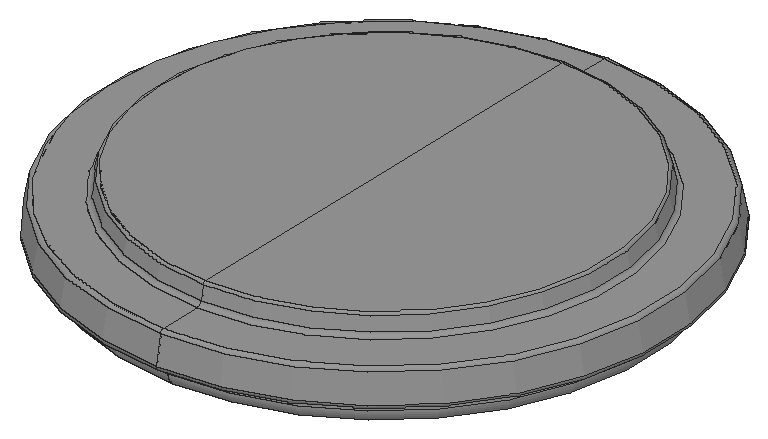
Revit family "FMK12_63_UN_Surface-mounted_ETK", category Lighting Fixtures, Revit 2017 (continued)
Definition of nested family "FMK.1 - Lightsource"
  Types (13, lengths in mm): name | Wattage Comments | Photometric Web File | built-in parameter 1150142 | Apparent Load
      397\t271.7601\t260.7829\t249.8115\t238.199\t224.9904\t212.0355\t199.0916\r\n186.1571\t173.2273\t160.3064\t147.3979\t134.5054\t133.8004\t26.4433\t0\t0\t0\r\n0\t0\t0\t0\t0\t0\r\n405.3384\t404.7985\t404.2731\t402.9746\t400.9294\t398.9778\t395.1912\t391.2006\t387.1764\t383.1518\r\n379.3503\t373.2478\t366.6736\t360.0872\t353.4808\t347.1016\t338.8269\t329.9717\t321.1259\t312.2733\r\n303.6511\t293.3438\t282.42\t271.4857\t260.561\t249.8768\t237.5346\t224.5982\t211.6601\t198.736\r\n185.8092\t172.8976\t159.9952\t147.0924\t134.208\t131.9549\t19.0178\t0\t0\t0\r\n0\t0\t0\t0\t0\t0\r\n405.3384\t404.775\t404.2417\t402.941\t400.8877\t398.9141\t395.0686\t391.0953\t387.0939\t383.0703\r\n379.2465\t373.03\t366.4888\t359.9216\t353.3431\t346.971\t338.5451\t329.7328\t320.92\t312.0934\r\n303.4848\t293.0109\t282.1221\t271.2145\t260.3152\t249.6258\t237.1217\t224.202\t211.2903\t198.3835\r\n185.4706\t172.5647\t159.66\t146.7717\t133.8799\t129.6163\t13.1927\t0\t0\t0\r\n0\t0\t0\t0\t0\t0\r\n405.3384\t404.7527\t404.2068\t402.9019\t400.8767\t398.8558\t394.9637\t390.9782\t387.0011\t382.9988\r\n379.1382\t372.8305\t366.3205\t359.7944\t353.2392\t346.8416\t338.2971\t329.4929\t320.6819\t311.8859\r\n303.2565\t292.6827\t281.8284\t270.9715\t260.0963\t249.3876\t236.7404\t223.8309\t210.924\t198.0301\r\n185.1227\t172.2345\t159.3412\t146.4511\t133.5636\t127.1408\t8.7076\t0\t0\t0\r\n0\t0\t0\t0\t0\t0\r\n405.3384\t404.7317\t404.1685\t402.8573\t400.8341\t398.8203\t394.8729\t390.882\t386.8997\t382.9031\r\n379.0139\t372.6472\t366.1376\t359.6334\t353.1356\t346.7285\t338.0975\t329.2976\t320.4978\t311.7082\r\n303.0442\t292.3608\t281.5086\t270.6653\t259.8241\t249.1051\t236.3739\t223.483\t210.5936\t197.696\r\n184.8022\t171.9214\t159.0318\t146.1423\t133.2543\t124.7431\t5.3342\t0\t0\t0\r\n0\t0\t0\t0\t0\t0\r\n405.3384\t404.7118\t404.0854\t402.8071\t400.7827\t398.7607\t394.8082\t390.8197\t386.8117\t382.8145\r\n378.8745\t372.4566\t365.9558\t359.4647\t352.9636\t346.5217\t337.8337\t329.0692\t320.2987\t311.5096\r\n302.8013\t292.0593\t281.2296\t270.4093\t259.5758\t248.8064\t236.0021\t223.1017\t210.2133\t197.3263\r\n184.4407\t171.5452\t158.6583\t145.7732\t132.8917\t122.5723\t2.8944\t0\t0\t0\r\n0\t0\t0\t0\t0\t0\r\n405.3384\t404.6932\t404.0473\t402.7226\t400.7224\t398.6915\t394.7212\t390.7363\t386.7361\t382.7442\r\n378.7775\t372.3101\t365.7992\t359.3066\t352.8016\t346.3302\t337.6023\t328.8394\t320.0728\t311.2958\r\n302.561\t291.776\t280.951\t270.126\t259.3004\t248.5209\t235.6594\t222.7723\t209.8851\t196.9978\r\n184.1099\t171.2248\t158.3346\t145.4546\t132.5648\t120.8445\t1.2522\t0\t0\t0\r\n0\t0\t0\t0\t0\t0\r\n405.3384\t404.6757\t404.0125\t402.6704\t400.6365\t398.604\t394.6163\t390.6263\t386.6347\t382.642\r\n378.653\t372.1631\t365.664\t359.1642\t352.6514\t346.1579\t337.4057\t328.6338\t319.8737\t311.0997\r\n302.337\t291.5239\t280.7001\t269.8776\t259.0436\t248.2362\t235.3595\t222.4683\t209.58\t196.6886\r\n183.7994\t170.9097\t158.0181\t145.1276\t132.2357\t119.6415\t0.3076\t0\t0\t0\r\n0\t0\t0\t0\t0\t0\r\n405.3384\t404.6596\t403.9806\t402.6229\t400.5746\t398.5262\t394.5231\t390.5201\t386.5171\t382.514\r\n378.4993\t372.003\t365.4952\t358.999\t352.4911\t345.9949\t337.2046\t328.4142\t319.6239\t310.8453\r\n302.055\t291.2397\t280.4128\t269.5975\t258.7705\t247.9552\t235.0564\t222.1578\t209.2708\t196.372\r\n183.485\t170.5863\t157.6875\t144.8005\t131.9018\t119.0148\t0\t0\t0\t0\r\n0\t0\t0\t0\t0\t0\r\n405.3384\t404.6446\t403.952\t402.5799\t400.516\t398.4496\t394.4362\t390.4167\t386.393\t382.3765\r\n378.3639\t371.8594\t365.3463\t358.8345\t352.3221\t345.8186\t337.0218\t328.2282\t319.4233\t310.6293\r\n301.8361\t291.0019\t280.1697\t269.3256\t258.4827\t247.6533\t234.7581\t221.854\t208.9473\t196.0427\r\n183.1396\t170.2368\t157.3331\t144.4306\t131.5295\t118.923\t0.3058\t0\t0\t0\r\n0\t0\t0\t0\t0\t0\r\n405.3384\t404.6311\t403.9266\t402.5417\t400.4513\t398.3517\t394.3448\t390.3139\t386.2918\t382.2534\r\n378.238\t371.7358\t365.2058\t358.6709\t352.1332\t345.6284\t336.8455\t328.0252\t319.2071\t310.3886\r\n301.6022\t290.7741\t279.9105\t269.0599\t258.1993\t247.3735\t234.4901\t221.5727\t208.655\t195.7516\r\n182.8364\t169.9224\t157.0186\t144.1096\t131.2095\t119.4546\t1.2376\t0\t0\t0\r\n0\t0\t0\t0\t0\t0\r\n405.3384\t404.6189\t403.9044\t402.5099\t400.4048\t398.3042\t394.3046\t390.2607\t386.2346\t382.1535\r\n378.1197\t371.6271\t365.0667\t358.4953\t351.9348\t345.4342\t336.6778\t327.8251\t318.988\t310.1383\r\n301.3588\t290.557\t279.6705\t268.7827\t257.8964\t247.0828\t234.2295\t221.3067\t208.3745\t195.4454\r\n182.519\t169.6057\t156.6841\t143.7663\t130.8565\t120.461\t2.8438\t0\t0\t0\r\n0\t0\t0\t0\t0\t0\r\n405.3384\t404.608\t403.906\t402.4809\t400.3686\t398.2825\t394.3364\t390.2509\t386.1403\t382.0139\r\n377.9719\t371.5145\t364.9316\t358.3331\t351.741\t345.2569\t336.5322\t327.65\t318.7717\t309.893\r\n301.122\t290.3538\t279.4296\t268.5063\t257.6005\t246.812\t234.0133\t221.0577\t208.1226\t195.1708\r\n182.233\t169.2892\t156.3621\t143.428\t130.5101\t121.8491\t5.2081\t0\t0\t0\r\n0\t0\t0\t0\t0\t0\r\n405.3384\t404.5983\t403.8876\t402.4562\t400.3424\t398.3285\t394.312\t390.1748\t386.0001\t381.8499\r\n377.8465\t371.4423\t364.8155\t358.179\t351.5314\t345.0554\t336.4015\t327.4708\t318.5324\t309.5879\r\n300.8096\t290.1067\t279.1611\t268.2305\t257.289\t246.5037\t233.7899\t220.8066\t207.8411\t194.873\r\n181.9286\t168.9735\t156.0235\t143.0925\t130.1555\t123.4873\t8.4517\t0\t0\t0\r\n0\t0\t0\t0\t0\t0\r\n405.3384\t404.5901\t403.8694\t402.4354\t400.3632\t398.2964\t394.2634\t390.0534\t385.8948\t381.7277\r\n377.7335\t371.3662\t364.6894\t358.0074\t351.3178\t344.8397\t336.2562\t327.2573\t318.2671\t309.292\r\n300.5434\t289.9663\t278.9733\t267.9846\t257.0011\t246.2424\t233.6423\t220.6376\t207.6416\t194.6527\r\n181.66\t168.6794\t155.7053\t142.752\t129.7991\t125.1546\t12.7273\t0\t0\t0\r\n0\t0\t0\t0\t0\t0\r\n405.3384\t404.5832\t403.8511\t402.4184\t400.3294\t398.2373\t394.1753\t389.9932\t385.8207\t381.5858\r\n377.5585\t371.29\t364.5766\t357.8427\t351.0774\t344.5671\t336.1252\t327.126\t318.0989\t309.0717\r\n300.2725\t289.8361\t278.7856\t267.7468\t256.7121\t245.9428\t233.5014\t220.4496\t207.42\t194.3931\r\n181.3835\t168.3751\t155.3885\t142.4223\t129.4696\t126.6674\t18.2327\t0\t0\t0\r\n0\t0\t0\t0\t0\t0\r\n405.3384\t404.6161\t403.833\t402.4338\t400.2812\t398.117\t394.1504\t389.9734\t385.7276\t381.4258\r\n377.3816\t371.2392\t364.4718\t357.6674\t350.8628\t344.3271\t336.3727\t327.0146\t317.9224\t308.8102\r\n299.6801\t289.9237\t278.5829\t267.4993\t256.4203\t245.3261\t233.5789\t220.2411\t207.1712\t194.1138\r\n181.0807\t168.0584\t155.0612\t142.0858\t129.1328\t127.7426\t25.2025\t0\t0\t0\r\n0\t0\t0\t0\t0\t0\r\n405.3384\t404.6105\t403.8147\t402.4101\t400.2194\t398.0503\t394.1642\t389.934\t385.6217\t381.2896\r\n377.1953\t371.2003\t364.3795\t357.5497\t350.6777\t343.7901\t336.3331\t326.9098\t317.7336\t308.5378\r\n299.3341\t289.7717\t278.414\t267.2406\t256.0784\t244.9306\t233.4048\t220.0844\t206.987\t193.9063\r\n180.8452\t167.8011\t154.7799\t141.7801\t128.7982\t128.0121\t33.8934\t0\t0\t0\r\n0\t0\t0\t0\t0\t0\r\n405.3384\t404.605\t403.7961\t402.3797\t400.115\t397.9929\t394.1749\t389.882\t385.5568\t381.1715\r\n376.6631\t371.4951\t364.3355\t357.4079\t350.4678\t343.5064\t336.2424\t326.8117\t317.5627\t308.2892\r\n298.9902\t289.5725\t278.2428\t267.0234\t255.8103\t244.5868\t233.2271\t219.9634\t206.8227\t193.6957\r\n180.6021\t167.5443\t154.4957\t141.4702\t128.4705\t115.505\t70.026\t0\t0\t0\r\n0\t0\t0\t0\t0\t0\r\n405.3384\t404.5994\t403.7772\t402.343\t400.0582\t397.9547\t394.1952\t389.8748\t385.5291\t380.979\r\n376.4372\t371.47\t364.2569\t357.2705\t350.2636\t343.2284\t336.1012\t326.741\t317.3967\t308.0368\r\n298.6712\t289.3725\t278.1474\t266.8135\t255.5191\t244.2436\t233.0342\t219.8906\t206.6977\t193.5207\r\n180.3828\t167.2783\t154.2217\t141.1824\t128.1722\t115.1956\t80.4414\t0\t0\t0\r\n0\t0\t0\t0\t0\t0\r\n405.3384\t404.594\t403.7665\t402.3007\t400.0104\t397.8946\t394.467\t389.9452\t385.4255\t380.805\r\n376.2179\t371.3573\t364.2027\t357.1507\t350.0679\t342.9438\t335.905\t326.68\t317.25\t307.8176\r\n298.3724\t289.0673\t278.0222\t266.6515\t255.3003\t243.9401\t232.7582\t219.8133\t206.5867\t193.3789\r\n180.2056\t167.0687\t153.966\t140.8994\t127.8726\t114.8827\t90.1164\t0\t0\t0\r\n0\t0\t0\t0\t0\t0\r\n405.3384\t404.5889\t403.7442\t402.2253\t399.9717\t397.8259\t394.5256\t389.9394\t385.2649\t380.6538\r\n375.9641\t371.2248\t364.1789\t357.067\t349.8977\t342.6677\t335.6288\t326.6532\t317.1531\t307.6244\r\n298.0542\t288.478\t278.2469\t266.5399\t255.0597\t243.6182\t232.4332\t219.7955\t206.4902\t193.2133\r\n180.0012\t166.821\t153.6857\t140.5957\t127.5588\t114.5661\t98.6146\t0\t0\t0\r\n0\t0\t0\t0\t0\t0\r\n405.3384\t404.5838\t403.7204\t402.1836\t399.9493\t397.495\t394.6576\t389.8387\t385.1686\t380.5014\r\n375.729\t371.0605\t364.1878\t357.0066\t349.7365\t342.3831\t334.9798\t326.9611\t317.1042\t307.4527\r\n297.7974\t288.1146\t278.1369\t266.4125\t254.8729\t243.3316\t231.7822\t219.9393\t206.403\t193.0914\r\n179.8299\t166.6203\t153.466\t140.3518\t127.2713\t114.2585\t105.3682\t0\t0\t0\r\n0\t0\t0\t0\t0\t0\r\n405.3384\t404.579\t403.6953\t402.1453\t400.0044\t397.4328\t394.6846\t389.7831\t385.1052\t380.3588\r\n375.5172\t370.8454\t364.2472\t356.9647\t349.5864\t342.1389\t334.6459\t326.9338\t317.0698\t307.3364\r\n297.5463\t287.7394\t277.9639\t266.3589\t254.7041\t243.037\t231.404\t219.803\t206.3799\t193.0247\r\n179.6747\t166.415\t153.2216\t140.0873\t127.0126\t113.9921\t109.8199\t9.0426\t0\t0\r\n0\t0\t0\t0\t0\t0\r\n405.3384\t404.5744\t403.6691\t402.1103\t399.9781\t397.3776\t394.6495\t389.7577\t385.0555\t380.2439\r\n375.3168\t370.2787\t364.5973\t356.9471\t349.4699\t341.9308\t334.3338\t326.7694\t317.1018\t307.2337\r\n297.342\t287.4211\t277.6928\t266.3301\t254.5511\t242.8085\t231.0731\t219.5536\t206.3499\t192.9347\r\n179.5687\t166.2649\t153.016\t139.8234\t126.726\t113.6905\t111.2803\t21.7073\t0\t0\r\n0\t0\t0\t0\t0\t0\r\n405.3384\t404.57\t403.6421\t402.0785\t399.9533\t397.3665\t394.4977\t389.7642\t385.0355\t380.1533\r\n375.1312\t370.0104\t364.5699\t356.9602\t349.3932\t341.7532\t334.0283\t326.4707\t317.1654\t307.1994\r\n297.1718\t287.133\t277.0299\t266.5617\t254.4718\t242.5962\t230.7316\t218.9364\t206.6337\t192.9105\r\n179.4434\t166.087\t152.7988\t139.6068\t126.4833\t113.4569\t100.4945\t60.079\t0\t0\r\n0\t0\t0\t0\t0\t0\r\n405.3384\t404.5661\t403.6144\t402.0512\t399.9354\t397.2997\t394.4018\t389.8025\t385.0322\t380.0745\r\n374.9814\t369.7443\t364.4545\t357.0142\t349.3678\t341.6146\t333.7412\t325.8005\t317.4989\t307.1996\r\n297.0754\t286.8649\t276.6591\t266.3928\t254.4188\t242.4545\t230.4861\t218.5355\t206.5242\t192.8964\r\n179.3794\t165.9637\t152.639\t139.4008\t126.2545\t113.2052\t100.2394\t75.4175\t0\t0\r\n0\t0\t0\t0\t0\t0\r\n405.3384\t404.5625\t403.5863\t402.0218\t399.9104\t397.2171\t394.3045\t389.8927\t385.0511\t380.0149\r\n374.8455\t369.4904\t364.2419\t357.1219\t349.384\t341.4901\t333.5186\t325.4314\t317.3612\t307.2899\r\n297.0022\t286.6805\t276.276\t266.1102\t254.4772\t242.3425\t230.2194\t218.174\t206.3008\t192.9174\r\n179.3579\t165.8762\t152.4972\t139.2127\t126.0328\t112.9621\t100.0093\t87.0551\t0\t0\r\n0\t0\t0\t0\t0\t0\r\n405.3384\t404.5593\t403.5488\t401.9935\t399.8835\t397.1246\t394.2037\t390.2303\t385.0913\t379.9896\r\n374.7291\t369.2488\t363.6276\t357.5035\t349.4258\t341.4412\t333.3238\t325.0865\t317.0691\t307.6993\r\n297.0161\t286.5013\t276.02\t265.4718\t254.6844\t242.2835\t230.06\t217.8462\t205.7159\t193.2069\r\n179.3627\t165.7938\t152.3453\t139.0419\t125.8422\t112.7623\t99.7796\t94.113\t0.6105\t0\r\n0\t0\t0\t0\t0\t0\r\n405.3384\t404.5567\t403.4347\t401.9663\t399.8542\t396.9916\t393.8623\t390.3025\t385.1493\t379.9968\r\n374.6293\t369.0482\t363.3058\t357.4798\t349.5307\t341.4245\t333.1708\t324.8183\t316.3472\t307.7332\r\n297.0531\t286.4824\t275.7917\t265.0603\t254.4821\t242.3206\t229.9441\t217.6132\t205.3254\t193.1091\r\n179.3748\t165.764\t152.2793\t138.8941\t125.6464\t112.5384\t99.5694\t86.7243\t14.0692\t0\r\n0\t0\t0\t0\t0\t0\r\n405.3384\t404.5544\t403.4109\t401.9397\t399.8279\t396.9235\t393.766\t390.3402\t385.2395\t380.0227\r\n374.5426\t368.8806\t363.0291\t357.2464\t350.0081\t341.4712\t333.0914\t324.5758\t315.9704\t307.4474\r\n297.2703\t286.4865\t275.6403\t264.756\t253.843\t242.607\t229.9008\t217.4057\t204.9789\t192.7969\r\n179.4987\t165.7588\t152.175\t138.7541\t125.4881\t112.3504\t99.3709\t86.5437\t51.9517\t0\r\n0\t0\t0\t0\t0\t0\r\n405.3384\t404.5528\t403.3896\t401.9136\t399.7913\t396.957\t393.6984\t390.3419\t385.3606\t380.0818\r\n374.5\t368.7496\t362.7919\t356.6028\t350.0626\t341.5854\t333.0658\t324.4216\t315.6059\t306.7421\r\n297.6344\t286.5955\t275.5812\t264.5172\t253.4454\t242.4387\t229.9497\t217.306\t204.7451\t192.2166\r\n179.6744\t165.7968\t152.1564\t138.646\t125.329\t112.1759\t99.1985\t86.3772\t68.9502\t0\r\n0\t0\t0\t0\t0\t0\r\n405.3384\t404.5516\t403.3711\t401.8875\t399.7527\t396.9277\t393.6298\t390.2999\t385.7547\t380.1611\r\n374.5012\t368.6583\t362.5687\t356.2748\t349.9304\t341.7568\t333.1054\t324.2991\t315.3601\t306.3451\r\n297.4021\t286.7961\t275.6181\t264.4085\t253.1166\t241.8373\t230.2463\t217.3133\t204.529\t191.8469\r\n179.4606\t165.8616\t152.1382\t138.5889\t125.1903\t112.0098\t99.0178\t86.2149\t79.0059\t0\r\n0\t0\t0\t0\t0\t0\r\n405.3384\t404.5303\t403.3553\t401.8645\t399.7131\t396.9209\t393.5723\t390.1989\t385.8711\t380.2535\r\n374.5458\t368.6079\t362.4015\t355.9658\t349.3036\t342.1689\t333.2403\t324.278\t315.2144\t305.9895\r\n296.6392\t287.1356\t275.8011\t264.3885\t252.9357\t241.4441\t230.1178\t217.3521\t204.4354\t191.5936\r\n178.8542\t166.1287\t152.1585\t138.5008\t125.0791\t111.8622\t98.8722\t86.0895\t73.5113\t5.8064\r\n0\t0\t0\t0\t0\t0\r\n405.3384\t404.5303\t403.3424\t401.8359\t399.6738\t396.904\t393.5271\t389.8272\t385.9412\t380.4009\r\n374.6452\t368.602\t362.2897\t355.7113\t348.9026\t342.0438\t333.4533\t324.356\t315.1404\t305.736\r\n296.21\t286.8176\t276.3248\t264.5084\t252.8679\t241.1993\t229.4494\t217.6364\t204.4484\t191.4377\r\n178.5308\t165.8585\t152.2347\t138.4866\t125.0067\t111.7492\t98.7341\t85.9681\t73.4427\t41.0177\r\n0\t0\t0\t0\t0\t0\r\n405.3384\t404.5314\t403.3323\t401.8066\t399.6355\t396.8882\t393.4998\t389.7256\t385.9264\t380.8323\r\n374.7825\t368.6476\t362.2247\t355.5179\t348.5777\t341.3716\t333.8428\t324.5619\t315.1649\t305.6139\r\n295.8944\t286.068\t276.276\t264.795\t252.9611\t241.028\t229.1012\t217.1796\t204.5856\t191.3702\r\n178.2755\t165.3108\t152.4401\t138.5329\t124.9629\t111.6537\t98.6364\t85.8681\t73.3923\t59.4422\r\n0\t0\t0\t0\t0\t0\r\n405.3384\t404.5334\t403.3254\t401.7768\t399.5834\t396.8724\t393.5563\t389.6813\t385.8296\t380.9686\r\n374.9634\t368.7467\t362.223\t355.3988\t348.3247\t340.9663\t333.6105\t325.0909\t315.3013\t305.5958\r\n295.7167\t285.6879\t275.5196\t265.2641\t253.1643\t241.0284\t228.9013\t216.7619\t204.7197\t191.4431\r\n178.1426\t165.025\t152.054\t138.6238\t124.949\t111.5808\t98.5317\t85.7999\t73.3521\t67.4468\r\n0\t0\t0\t0\t0\t0\r\n405.3384\t404.5367\t403.3213\t401.747\t399.553\t396.8551\t393.5253\t389.642\t385.4196\t381.0143\r\n375.4341\t368.8936\t362.2811\t355.3633\t348.149\t340.6463\t332.8952\t325.0567\t315.6054\t305.7209\r\n295.6694\t285.4283\t275.0861\t264.6206\t253.7214\t241.2356\t228.8857\t216.5051\t204.1542\t191.7482\r\n178.1912\t164.8347\t151.6841\t138.7372\t124.9638\t111.5467\t98.4431\t85.7156\t73.3308\t61.2799\r\n6.6224\t0\t0\t0\t0\t0\r\n405.3384\t404.541\t403.3206\t401.7173\t399.5263\t396.8348\t393.4891\t389.6228\t385.3035\t380.9705\r\n375.6064\t369.1065\t362.3871\t355.4019\t348.059\t340.4189\t332.5297\t324.353\t315.9992\t306.0013\r\n295.7691\t285.3359\t274.8118\t264.0762\t253.4617\t241.8475\t229.0559\t216.4579\t203.8582\t191.3277\r\n178.4886\t164.7975\t151.4218\t138.2923\t125.0643\t111.5119\t98.3871\t85.6566\t73.3292\t61.3845\r\n41.3401\t0\t0\t0\t0\t0\r\n405.3384\t404.7046\t403.3351\t401.6085\t399.5025\t396.8106\t393.4101\t389.6964\t385.2267\t380.5909\r\n375.6608\t369.6146\t362.5887\t355.5216\t348.0628\t340.3035\t332.2796\t323.9612\t315.3815\t306.4951\r\n296.0045\t285.4293\t274.6916\t263.7186\t252.6951\t241.7657\t229.4357\t216.6186\t203.7814\t190.9543\r\n178.3774\t164.9054\t151.3423\t137.993\t125.0188\t111.5486\t98.3549\t85.6161\t73.3518\t61.5005\r\n54.5145\t0\t0\t0\t0\t0\r\n405.3384\t404.7094\t403.3409\t401.5892\t399.4806\t396.7853\t393.3861\t389.647\t385.1911\t380.4752\r\n375.5799\t369.7733\t362.8838\t355.7241\t348.1677\t340.311\t332.135\t323.6844\t314.9275\t305.9445\r\n296.5192\t285.7241\t274.7325\t263.6059\t252.3232\t240.938\t229.682\t217.0354\t203.8964\t190.8667\r\n177.8483\t165.1045\t151.4128\t137.8197\t124.5862\t111.6542\t98.3596\t85.6026\t73.3081\t61.567\r\n50.2719\t0\t0\t0\t0\t0\r\n405.3384\t404.7141\t403.3495\t401.5769\t399.4597\t396.7589\t393.3787\t389.6141\t385.2819\t380.3954\r\n375.1982\t369.7519\t363.3915\t356.0194\t348.3778\t340.4279\t332.1175\t323.54\t314.6307\t305.4612\r\n295.9656\t286.2757\t275.0119\t263.7288\t252.2133\t240.5678\t228.8725\t217.2219\t204.3601\t191.0024\r\n177.7549\t164.5951\t151.6169\t137.856\t124.3917\t111.3335\t98.3751\t85.5165\t73.2932\t61.597\r\n50.4839\t26.8985\t0\t0\t0\t0\r\n405.3384\t404.7188\t403.3611\t401.5899\t399.4393\t396.7318\t393.3783\t389.5778\t385.2799\t380.4048\r\n375.1029\t369.354\t363.4329\t356.5509\t348.7107\t340.6772\t332.2579\t323.5399\t314.5046\t305.1188\r\n295.5188\t285.63\t275.5222\t264.0384\t252.342\t240.479\t228.5121\t216.4262\t204.4988\t191.6613\r\n177.9175\t164.4704\t151.1862\t138.14\t124.3921\t111.0641\t98.3014\t85.4755\t73.1886\t61.5768\r\n50.6169\t43.8035\t0\t0\t0\t0\r\n405.3384\t404.7234\t403.3758\t401.5932\t399.3558\t396.7043\t393.383\t389.5381\t385.271\t380.3873\r\n375.0389\t369.2482\t363.0412\t356.6073\t349.2775\t341.0511\t332.5546\t323.7019\t314.5615\t305.0088\r\n295.2657\t285.1407\t274.8439\t264.3864\t252.9603\t240.7003\t228.4626\t216.1193\t203.7058\t191.2839\r\n178.5866\t164.7027\t151.1153\t137.7422\t124.6359\t111.0334\t97.9491\t85.3922\t73.0802\t61.4885\r\n50.6435\t40.5048\t0\t0\t0\t0\r\n405.3384\t404.7278\t403.3938\t401.6032\t399.3484\t396.6726\t393.3886\t389.4997\t385.2549\t380.3738\r\n375.1114\t369.2206\t362.9224\t356.2011\t349.3184\t341.6044\t333.2293\t324.0355\t314.7893\t305.1249\r\n295.2219\t284.9551\t274.4342\t263.6396\t252.6034\t241.2841\t228.7342\t216.1549\t203.4536\t190.7548\r\n178.0519\t165.358\t151.3808\t137.7373\t124.3116\t111.2524\t97.8365\t85.0967\t72.89\t61.3103\r\n50.5893\t40.6649\t9.0488\t0\t0\t0\r\n405.3384\t404.7319\t403.4151\t401.6204\t399.3511
